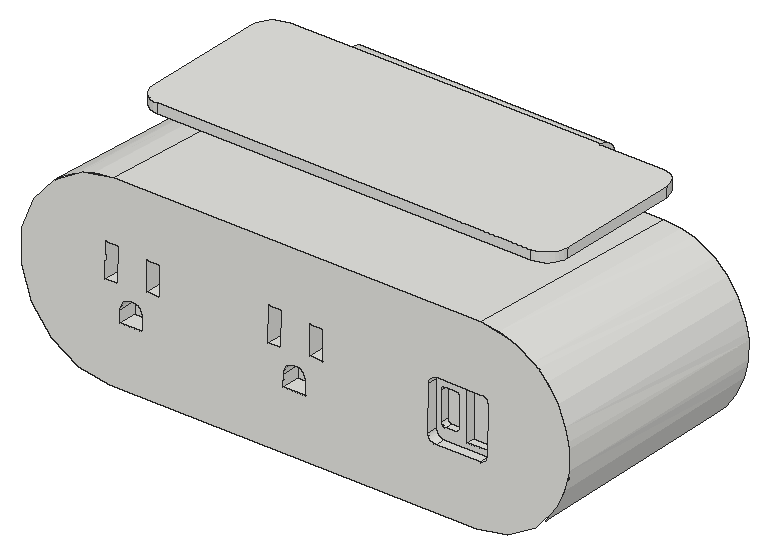
Revit family "Electrical_&_Lighting-Teknion-CQAMP_Routes_Power_Port-R2018", category Electrical Fixtures, Revit 2018
Family settings
  Maintain Annotation Orientation = No
  Round Connector Dimension = Use Diameter
  Part Type = Normal
  OmniClass Number = 23.40.20.00
  OmniClass Title = General Furniture and Specialties
  Work Plane-Based = No
  Always vertical = Yes
  Cut with Voids When Loaded = No
  Shared = Yes
  Room Calculation Point = No
Parameters (values of type "Triple - 2 Power/1 USB A&C, Undermount")
  Worksurface Thickness [instance] = 1.000"
  Warranty = "http://www.teknion.com/ca/papers/legal-canada"
  Voltage = 120 V
  Unit Weight URL = "http://www.teknion.com/ca/tools/assets#&asset=bee6a381-b954-425e-8283-5a2de3a804f2,f828d448-4b62-4231-9e5f-9a8991c0ed77"
  Undermount = yes
  USB Cutout = 1.000"
  URL = "www.teknion.com"
  To render please download texture images found here [instance] = "https://assets.teknion.com/web/5e81352c1dfdb467/revit-material-swatches/"
  Table Top Height [instance] = 29.000"
  Sustainability Data = "https://www.teknion.com/ca/tools/assets#&topic=216f99a5-57a0-44fc-b10a-9dee9b29ae4c&asset=444deb64-fe58-4b68-981e-f75e97781df7,b4ff2d81-9f2e-437d-9659-7cffb09c31cf"
  Series = "Routes"  # constant formula
  Product Page URL = "https://www.teknion.com/ca/products/all-products"
  Product Line = "Routes"  # constant formula
  Product Documentation Link = "https://www.teknion.com/pricing/expansion-casegoods/pdfs/BEEPC_ppg.pdf"
  Part Number = "CQAMP"  # constant formula
  Module Height [instance] = if(Undermount, Table Top Height - Worksurface Thickness - 0.482", Table Top Height + 3.256")  # 27.518"
  Model = "CQAMPT2110U___"
  Manufacturer Phone = "416-661-3370"  # constant formula
  Manufacturer Fax = "416.661.4586"  # constant formula
  Manufacturer Contact Information = "http://www.teknion.com/ca/contactus"
  Manufacturer Address = "1150 Flint Road, Toronto, ON. M3J 2J5. Canada"  # constant formula
  Manufacturer = "Teknion"  # constant formula
  How To Use Teknion Materials User Guide [instance] = "https://assets.teknion.com/m/205dd0a49fa58060/original/How-to-add-a-Material-Library-and-Texture-Images-to-your-Revit-project.pdf"
  For Additional Finishes please visit [instance] = "https://assets.teknion.com/m/44a8009b046e5d47/original/Teknion_Materials_Library.zip"
  Desk Edge Clamp = no
  Description = "Power Port, Triple - 2 Power/1 USB A&C, Undermount"
  Connector Description = "Power Connector"  # constant formula
  Clamp Offset [instance] = 3.256" + Worksurface Thickness  # 4.256"
  Case and Front Finish [instance] = Paint-Teknion-20-T-Foundation-Atrium White
  Assembly Code = "E2020200"
  Apparent Load = 0 VA
  3rd Power Cutout = 0.500"
Types (5): name | Worksurface Thickness | Undermount | USB Cutout | Module Height | Model | Desk Edge Clamp | Description | Clamp Offset | 3rd Power Cutout
  (no name) | 1.000" | yes | 1.000" | 27.518" | "CQAMPT2110U___" | no | "Power Port, Triple - 2 Power/1 USB A&C, Undermount" | 4.256" | 0.500"
  Triple - 3 Power, Desk Edge Clamp | 1.000" | no | 0.500" | 32.256" | "CQAMPT3000E___" | yes | "Power Port, Triple - 3 Power, Desk Edge Clamp" | 4.256" | 1.000"
  Triple - 3 Power, Undermount | 2.000" | yes | 0.500" | 26.518" | "CQAMPT3000U___" | no | "Power Port, Triple - 3 Power, Undermount" | 5.256" | 1.000"
  Triple - 2 Power/1 USB A&C, Desk Edge Clamp | 1.000" | no | 1.000" | 32.256" | "CQAMPT2110E___" | yes | "Power Port, Triple - 2 Power/1 USB A&C, Desk Edge Clamp" | 4.256" | 0.500"
  Triple - 2 Power/1 USB A&C, Undermount | 1.000" | yes | 1.000" | 27.518" | "CQAMPT2110U___" | no | "Power Port, Triple - 2 Power/1 USB A&C, Undermount" | 4.256" | 0.500"
Reference planes (in)
  plane 1 "Center Front/Back": y = 0
  plane 2: z = 0
  plane 3 "Center Left/Right": x = 0
  plane 4 "Left": x = -3.31235
  plane 5 "Right": x = 3.31235
  plane 6 "Back": y = 0.46659
  plane 7 "Front": y = -2.4
  plane 8 "Top": z = 27.518
Forms (in)
  SweptBlend 1, solid, material "Paint-Teknion-20-T-Foundation-Atrium White" <- "Case and Front Finish"
    path origin (0, 0, 0) x (1, 0, 0) y (0, 1, 0)
      loop
        line (0, -2.65) -> (0, 0.6)
    profile origin (0, -2.65, 0) x (-1, 0, 0) y (0, 0, 1)
      loop
        line (2.21514, 27.53006) -> (-2.21514, 27.53006)
        arc (-2.21514, 27.53006) -> (-3.3266, 26.4186) -> (-2.21514, 25.30713) r 1.11146
        line (-2.21514, 25.30713) -> (2.21514, 25.30713)
        arc (2.21514, 25.30713) -> (3.3266, 26.4186) -> (2.21514, 27.53006) r 1.11146
    end profile origin (0, 0.6, 0) x (-1, 0, 0) y (0, 0, 1)
      loop
        line (2.19055, 27.37843) -> (-2.19055, 27.37843)
        arc (-2.19055, 27.37843) -> (-3.2262, 26.34278) -> (-2.19055, 25.30713) r 1.03565
        line (-2.19055, 25.30713) -> (2.19055, 25.30713)
        arc (2.19055, 25.30713) -> (3.2262, 26.34278) -> (2.19055, 27.37843) r 1.03565
  Sweep 2, void
    path origin (0, 0, 0) x (1, 0, 0) y (0, 1, 0)
      loop
        line (-3.625, 0) -> (3.625, 0)
    profile origin (0, 0, 0) x (0, 1, 0) y (0, 0, 1)
      loop
        line (0.40894, 25.09914) -> (0.78858, 25.09914) -> (0.78858, 27.73245) -> (0.47789, 27.73245) -> (0.40894, 25.09914)
      loop
        line (-2.32267, 27.73245) -> (-2.82491, 27.73245) -> (-2.82491, 25.09914) -> (-2.39163, 25.09914) -> (-2.32267, 27.73245)
  Sweep 3, void
    path origin (0, 0, 0) x (1, 0, 0) y (0, 1, 0)
      loop
        line (0, -2.4) -> (0, -2.15)
    profile origin (0, -2.275, 0) x (-1, 0, 0) y (0, 0, 1)
      loop
        line (0.329, 26.40867) -> (0.329, 26.82152) -> (0.171, 26.82152) -> (0.171, 26.40867) -> (0.329, 26.40867)
      loop
        line (-0.171, 26.44115) -> (-0.171, 26.78903) -> (-0.329, 26.78903) -> (-0.329, 26.44115) -> (-0.171, 26.44115)
      loop
        line (0.1375, 26.0098) -> (0.1375, 26.14725)
        arc (0.1375, 26.14725) -> (0, 26.28475) -> (-0.1375, 26.14725) r 0.1375
        line (-0.1375, 26.14725) -> (-0.1375, 26.0098) -> (0.1375, 26.0098)
      loop
        line (2.2975, 26.40867) -> (2.2975, 26.82152) -> (2.13951, 26.82152) -> (2.13951, 26.40867) -> (2.2975, 26.40867)
      loop
        line (1.7975, 26.44115) -> (1.7975, 26.78903) -> (1.63951, 26.78903) -> (1.63951, 26.44115) -> (1.7975, 26.44115)
      loop
        line (2.106, 26.0098) -> (2.106, 26.14725)
        arc (2.106, 26.14725) -> (1.9685, 26.28475) -> (1.83101, 26.14725) r 0.1375
        line (1.83101, 26.14725) -> (1.83101, 26.0098) -> (2.106, 26.0098)
  Sweep 4, void
    path origin (0, 0, 0) x (1, 0, 0) y (0, 1, 0)
      loop
        line (0, -2.65) -> (0, -3.15)
    profile origin (0, -2.9, 0) x (1, 0, 0) y (0, 0, 1)
      loop
        spline (2.106, 26.1473) -> (2.10131, 26.18288) -> (2.08757, 26.21603) -> (2.06572, 26.24449) -> (2.03724, 26.26634) -> (2.00407, 26.28006) -> (1.96848, 26.28474) -> (1.93289, 26.28005) -> (1.89973, 26.26631) -> (1.87126, 26.24446) -> (1.84941, 26.21599) -> (1.83568, 26.18283) -> (1.83101, 26.14725)
        line (1.83101, 26.14725) -> (1.83101, 26.0098) -> (2.106, 26.0098) -> (2.106, 26.1473)
      loop
        line (1.63951, 26.82152) -> (1.63951, 26.40867) -> (1.7975, 26.40867) -> (1.7975, 26.82152) -> (1.63951, 26.82152)
      loop
        line (2.2975, 26.78903) -> (2.13951, 26.78903) -> (2.13951, 26.44115) -> (2.2975, 26.44115) -> (2.2975, 26.78903)
  Sweep 5, void
    path origin (0, 0, 0) x (1, 0, 0) y (0, 1, 0)
      loop
        line (0, -3.15) -> (0, -2.15)
    profile origin (0, -2.65, 0) x (-1, 0, 0) y (0, 0, 1)
      loop
        line (-1.89123, 26.55961) -> (-1.89123, 26.20893)
        arc (-1.89123, 26.20893) -> (-1.87752, 26.17582) -> (-1.84442, 26.16211) r 0.04682
        line (-1.84442, 26.16211) -> (-1.72151, 26.16211)
        arc (-1.72151, 26.16211) -> (-1.68841, 26.17582) -> (-1.6747, 26.20893) r 0.04682
        line (-1.6747, 26.20893) -> (-1.6747, 26.55961)
        arc (-1.6747, 26.55961) -> (-1.68853, 26.59301) -> (-1.72192, 26.60684) r 0.04723
        line (-1.72192, 26.60684) -> (-1.844, 26.60684)
        arc (-1.844, 26.60684) -> (-1.8774, 26.59301) -> (-1.89123, 26.55961) r 0.04723
      loop
        line (-1.98375, 26.0952) -> (-1.98375, 26.67375) -> (-2.26722, 26.67375) -> (-2.26722, 26.0952) -> (-1.98375, 26.0952)
  Sweep 6, void
    path origin (0, 0, 0) x (1, 0, 0) y (0, 1, 0)
      loop
        line (0, -2.24198) -> (0, -3.24198)
    profile origin (0, -2.74198, 0) x (1, 0, 0) y (0, 0, 1)
      loop
        arc (1.70272, 26.74925) -> (1.63555, 26.72143) -> (1.60772, 26.65425) r 0.095
        line (1.60772, 26.65425) -> (1.60772, 26.12294)
        arc (1.60772, 26.12294) -> (1.63555, 26.05576) -> (1.70272, 26.02794) r 0.095
        line (1.70272, 26.02794) -> (2.23425, 26.02794)
        arc (2.23425, 26.02794) -> (2.30145, 26.05577) -> (2.32929, 26.12297) r 0.09503
        line (2.32929, 26.12297) -> (2.32929, 26.65422)
        arc (2.32929, 26.65422) -> (2.30145, 26.72142) -> (2.23425, 26.74925) r 0.09503
        line (2.23425, 26.74925) -> (1.70272, 26.74925)
  Sweep 7, solid, material "Paint-Teknion-20-T-Foundation-Atrium White" <- "Case and Front Finish", visible <- "Desk Edge Clamp"
    path origin (0, 0, 0) x (1, 0, 0) y (0, 1, 0)
      loop
        line (-1.59134, 0) -> (1.59134, 0)
    profile origin (0, 0, 0) x (0, 1, 0) y (0, 0, 1)
      loop
        line (0.25804, 25.30713) -> (0, 25.30713) -> (0, 24.50391) -> (-2, 24.50391) -> (-2, 24.32461) -> (0, 24.32461) -> (0, 22.32461) -> (-2.4, 22.32461) -> (-2.4, 22.14531) -> (-0.1793, 22.14531) -> (-0.1793, 20.98328) -> (0.25804, 20.98328) -> (0.25804, 25.30713)
  Sweep 8, void
    path origin (0, 0, 0) x (1, 0, 0) y (0, 1, 0)
      loop
        line (0, 0.1793) -> (0, 0)
    profile origin (0, 0.08965, 0) x (1, 0, 0) y (0, 0, 1)
      loop
        arc (-0.5625, 22.57461) -> (-0.48928, 22.39784) -> (-0.3125, 22.32461) r 0.25
        line (-0.3125, 22.32461) -> (0.3125, 22.32461)
        arc (0.3125, 22.32461) -> (0.48928, 22.39784) -> (0.5625, 22.57461) r 0.25
        line (0.5625, 22.57461) -> (0.5625, 24.50391) -> (1.06263, 24.50391) -> (1.06263, 25.50391) -> (-1.06263, 25.50391) -> (-1.06263, 24.50391) -> (-0.5625, 24.50391) -> (-0.5625, 22.57461)
  Sweep 9, void
    path origin (0, 0, 0) x (1, 0, 0) y (0, 0, 1)
      loop
        line (0, 24.32461) -> (0, 24.50391)
    profile origin (0, 0, 24.41426) x (-1, 0, 0) y (0, -1, 0)
      loop
        line (1, 1.75) -> (1, 0) -> (1.59134, 0) -> (1.59134, 2) -> (0.75, 2)
        arc (0.75, 2) -> (0.92678, 1.92678) -> (1, 1.75) r 0.25
      loop
        line (0.5625, 0) -> (0.5625, 0.1957)
        arc (0.5625, 0.1957) -> (0.48928, 0.37248) -> (0.3125, 0.4457) r 0.25
        line (0.3125, 0.4457) -> (-0.3125, 0.4457)
        arc (-0.3125, 0.4457) -> (-0.48928, 0.37248) -> (-0.5625, 0.1957) r 0.25
        line (-0.5625, 0.1957) -> (-0.5625, 0) -> (0.5625, 0)
      loop
        line (-0.9995, 0) -> (-0.9995, 1.75)
        arc (-0.9995, 1.75) -> (-0.92628, 1.92678) -> (-0.7495, 2) r 0.25
        line (-0.7495, 2) -> (-1.59134, 2) -> (-1.59134, 0) -> (-0.9995, 0)
  Sweep 10, void
    path origin (0, 0, 0) x (1, 0, 0) y (0, 0, 1)
      loop
        line (0, 22.32461) -> (0, 22.14531)
    profile origin (0, 0, 22.23496) x (0, -1, 0) y (1, 0, 0)
      loop
        line (0, -1.59134) -> (2.4, -1.59134) -> (2.4, -1.25)
        arc (2.4, -1.25) -> (2.32678, -1.42678) -> (2.15, -1.5) r 0.25
        line (2.15, -1.5) -> (0, -1.5) -> (0, -1.59134)
      loop
        line (2.4, 1.59134) -> (0, 1.59134) -> (0, 1.5) -> (2.15, 1.5)
        arc (2.15, 1.5) -> (2.32678, 1.42678) -> (2.4, 1.25) r 0.25
        line (2.4, 1.25) -> (2.4, 1.59134)
  Sweep 11, void
    path origin (0, 0, 0) x (1, 0, 0) y (0, 1, 0)
      loop
        line (0, -0.2543) -> (0, 0)
    profile origin (0, -0.12715, 0) x (-1, 0, 0) y (0, 0, 1)
      loop
        arc (-1.23427, 21.05889) -> (-1.42217, 21.13672) -> (-1.5, 21.32461) r 0.26573
        line (-1.5, 21.32461) -> (-1.5, 25.30713) -> (-1.59134, 25.30713) -> (-1.59134, 20.98328) -> (1.59134, 20.98328) -> (1.59134, 25.30713) -> (1.5, 25.30713) -> (1.5, 21.32461)
        arc (1.5, 21.32461) -> (1.42217, 21.13672) -> (1.23427, 21.05889) r 0.26573
        line (1.23427, 21.05889) -> (-1.23427, 21.05889)
  Sweep 12, void
    path origin (0, 0, 0) x (1, 0, 0) y (0, 1, 0)
      loop
        line (0, 0) -> (0, 0.25804)
    profile origin (0, 0.12902, 0) x (-1, 0, 0) y (0, 0, 1)
      loop
        line (-1.59134, 20.98328) -> (-1.25, 20.98328)
        arc (-1.25, 20.98328) -> (-1.49136, 21.08325) -> (-1.59134, 21.32461) r 0.34134
        line (-1.59134, 21.32461) -> (-1.59134, 20.98328)
      loop
        arc (1.59134, 21.32461) -> (1.49136, 21.08325) -> (1.25, 20.98328) r 0.34134
        line (1.25, 20.98328) -> (1.59134, 20.98328) -> (1.59134, 21.32461)
  Revolve 13, solid, material "Paint-Teknion-20-T-Foundation-Atrium White" <- "Case and Front Finish", visible <- "Desk Edge Clamp"
    sketch origin (0, 0, 0) x (0, 1, 0) y (0, 0, 1)
      loop
        line (-1.75, 23.262) -> (-2.24235, 23.262) -> (-2.24235, 23.14433) -> (-2.00591, 23.05357) -> (-2.00591, 22.84861) -> (-1.84986, 22.84861) -> (-1.84986, 22.80095) -> (-1.90747, 22.74334) -> (-1.90747, 21.84468) -> (-2.06496, 21.84468) -> (-2.06496, 21.52972) -> (-2.34054, 21.52972) -> (-2.34054, 21.09665) -> (-2.26181, 21.09665) -> (-2.26181, 21.38535) -> (-1.98675, 21.38535) -> (-1.98675, 21.31318) -> (-1.75, 21.31318) -> (-1.75, 23.262)
      axis (-1.75, 23.262) -> (-1.75, 21.09665)
    angle from 0 to 360
  Sweep 14, solid, material "Paint-Teknion-20-T-Foundation-Atrium White" <- "Case and Front Finish", visible <- "Desk Edge Clamp"
    path origin (0, 0, 0) x (1, 0, 0) y (0, 0, 1)
      loop
        line (0, 24.32461) -> (0, 24.26211)
    profile origin (0, 0, 24.29336) x (0, -1, 0) y (1, 0, 0)
      loop
        line (1.0748, -0.98425) -> (1.82283, -0.98425) -> (1.82283, 0.98425) -> (1.0748, 0.98425) -> (1.0748, -0.98425)
  Sweep 15, solid, material "Paint-Teknion-20-T-Foundation-Atrium White" <- "Case and Front Finish", visible <- "Undermount"
    path origin (0, 0, 0) x (1, 0, 0) y (0, 1, 0)
      loop
        line (-2.6, 0) -> (2.6, 0)
    profile origin (0, 0, 0) x (0, 1, 0) y (0, 0, 1)
      loop
        arc (0.37674, 27.8911) -> (0.4493, 27.86104) -> (0.47936, 27.78848) r 0.10262
        line (0.47936, 27.78848) -> (0.41177, 25.20717)
        arc (0.41177, 25.20717) -> (0.38247, 25.13643) -> (0.31173, 25.10713) r 0.10004
        line (0.31173, 25.10713) -> (-0.27346, 25.10713)
        arc (-0.27346, 25.10713) -> (-0.34417, 25.13642) -> (-0.37346, 25.20713) r 0.1
        line (-0.37346, 25.20713) -> (-0.37346, 25.30713) -> (-0.48284, 25.30713) -> (-0.48284, 25.20713)
        arc (-0.48284, 25.20713) -> (-0.42151, 25.05908) -> (-0.27346, 24.99776) r 0.20938
        line (-0.27346, 24.99776) -> (0.31173, 24.99776)
        arc (0.31173, 24.99776) -> (0.45983, 25.0591) -> (0.52118, 25.2072) r 0.20945
        line (0.52118, 25.2072) -> (0.5887, 27.78562)
        arc (0.5887, 27.78562) -> (0.52577, 27.93754) -> (0.37384, 28.00047) r 0.21486
        line (0.37384, 28.00047) -> (-1.61795, 28.00047) -> (-1.61795, 27.8911) -> (0.37674, 27.8911)
  Sweep 16, void
    path origin (0, 0, 0) x (1, 0, 0) y (0, 0, 1)
      loop
        line (0, 27.518) -> (0, 24.518)
    profile origin (0, 0, 26.018) x (0, -1, 0) y (1, 0, 0)
      loop
        line (-0.8387, -1.4995) -> (-0.8387, -2.7495) -> (0.9113, -2.7495) -> (0.9113, -1.4995) -> (-0.8387, -1.4995)
      loop
        line (-0.8387, 1.4995) -> (0.9113, 1.4995) -> (0.9113, 2.7495) -> (-0.8387, 2.7495) -> (-0.8387, 1.4995)
      loop
        line (0.9113, -0.562) -> (0.9113, 0.563) -> (0.42577, 0.563)
        arc (0.42577, 0.563) -> (-0.13673, 0.0005) -> (0.42577, -0.562) r 0.5625
        line (0.42577, -0.562) -> (0.9113, -0.562)
  Sweep 17, void
    path origin (0, 0, 0) x (1, 0, 0) y (0, 0, 1)
      loop
        line (0, 27.518) -> (0, 28.268)
    profile origin (0, 0, 27.893) x (-1, 0, 0) y (0, -1, 0)
      loop
        line (1.4995, -0.36622) -> (1.4995, -0.73336) -> (2.5, -0.73336) -> (2.75, -0.73336) -> (2.75, 1.86795) -> (-2.5, 1.86795) -> (-2.75, 1.86795) -> (-2.75, -0.73336) -> (-1.4995, -0.73336) -> (-1.4995, -0.36622) -> (-2.2495, -0.36622)
        arc (-2.2495, -0.36622) -> (-2.42663, -0.29285) -> (-2.5, -0.11572) r 0.2505
        line (-2.5, -0.11572) -> (-2.5, 1.36795)
        arc (-2.5, 1.36795) -> (-2.42678, 1.54473) -> (-2.25, 1.61795) r 0.25
        line (-2.25, 1.61795) -> (2.25, 1.61795)
        arc (2.25, 1.61795) -> (2.42678, 1.54473) -> (2.5, 1.36795) r 0.25
        line (2.5, 1.36795) -> (2.5, -0.11572)
        arc (2.5, -0.11572) -> (2.42663, -0.29285) -> (2.2495, -0.36622) r 0.2505
        line (2.2495, -0.36622) -> (1.4995, -0.36622)
Cuts and joins
  Sweep 2, Sweep 3, Sweep 4, Sweep 5, Sweep 6 cuts SweptBlend 1
  Sweep 8, Sweep 9, Sweep 10, Sweep 11, Sweep 12 cuts Sweep 7
  Sweep 16, Sweep 17 cuts Sweep 15
Lines and regions (in)
  Masking region 1, visible <- "Desk Edge Clamp"
    outline origin (0, 0, 0) x (1, 0, 0) y (0, 1, 0)
      loop
        line (-3.2173, 0.46659) -> (-3.31235, -2.4) -> (3.31235, -2.4) -> (3.2173, 0.46659) -> (-3.2173, 0.46659)
  symbolic lines, style "ElectricalFixturesHiddenLines", visible <- "Desk Edge Clamp", detail levels medium+fine
    curve 1: line (-1.5, 0, 0) -> (-1.5, -2.15, 0)
    curve 2: arc (-1.5, -2.15, 0) -> (-1.42678, -2.32678, 0) -> (-1.25, -2.4, 0) r 0.25
    curve 3: line (-1.25, -2.4, 0) -> (1.25, -2.4, 0)
    curve 4: arc (1.25, -2.4, 0) -> (1.42678, -2.32678, 0) -> (1.5, -2.15, 0) r 0.25
    curve 5: line (1.5, -2.15, 0) -> (1.5, 0, 0)
    curve 6: line (1.5, 0, 0) -> (0.3125, 0, 0)
    curve 7: line (0.3125, 0, 0) -> (0.3125, 0.1793, 0)
    curve 8: line (0.3125, 0.1793, 0) -> (-0.3125, 0.1793, 0)
    curve 9: line (-0.3125, 0.1793, 0) -> (-0.3125, 0, 0)
    curve 10: line (-0.3125, 0, 0) -> (-1.5, 0, 0)
    curve 11: line (-1, 0, 0) -> (-1, -1.75, 0)
    curve 12: arc (-1, -1.75, 0) -> (-0.92678, -1.92678, 0) -> (-0.75, -2, 0) r 0.25
    curve 13: line (-0.75, -2, 0) -> (0.7495, -2, 0)
    curve 14: arc (0.7495, -2, 0) -> (0.92628, -1.92678, 0) -> (0.9995, -1.75, 0) r 0.25
    curve 15: line (0.9995, -1.75, 0) -> (0.9995, 0, 0)
    curve 16: line (0.9995, 0, 0) -> (1.06263, 0, 0)
    curve 17: line (1.06263, 0, 0) -> (1.06263, 0.1793, 0)
    curve 18: line (1.06263, 0.1793, 0) -> (0.5625, 0.1793, 0)
    curve 19: line (0.5625, 0.1793, 0) -> (0.5625, -0.1957, 0)
    curve 20: arc (0.5625, -0.1957, 0) -> (0.48928, -0.37248, 0) -> (0.3125, -0.4457, 0) r 0.25
    curve 21: line (0.3125, -0.4457, 0) -> (-0.3125, -0.4457, 0)
    curve 22: arc (-0.3125, -0.4457, 0) -> (-0.48928, -0.37248, 0) -> (-0.5625, -0.1957, 0) r 0.25
    curve 23: line (-0.5625, -0.1957, 0) -> (-0.5625, 0.1793, 0)
    curve 24: line (-0.5625, 0.1793, 0) -> (-1.06263, 0.1793, 0)
    curve 25: line (-1.06263, 0.1793, 0) -> (-1.06263, 0, 0)
    curve 26: line (-1.06263, 0, 0) -> (-1, 0, 0)
    curve 27: arc (0, -2.34054, 0) -> (-0.59054, -1.75, 0) -> (0, -1.15946, 0) r 0.59054
    curve 28: arc (0, -1.15946, 0) -> (0.59054, -1.75, 0) -> (0, -2.34054, 0) r 0.59054
  symbolic lines, style "ElectricalFixturesHiddenLines", visible <- "Undermount", detail levels medium+fine
    curve 29: line (-1.4995, 0.36622, 0) -> (-2.2495, 0.36622, 0)
    curve 30: arc (-2.2495, 0.36622, 0) -> (-2.42663, 0.29285, 0) -> (-2.5, 0.11572, 0) r 0.2505
    curve 31: line (-2.5, 0.11572, 0) -> (-2.5, -1.36795, 0)
    curve 32: arc (-2.5, -1.36795, 0) -> (-2.42678, -1.54473, 0) -> (-2.25, -1.61795, 0) r 0.25
    curve 33: line (-2.25, -1.61795, 0) -> (2.25, -1.61795, 0)
    curve 34: arc (2.25, -1.61795, 0) -> (2.42678, -1.54473, 0) -> (2.5, -1.36795, 0) r 0.25
    curve 35: line (2.5, -1.36795, 0) -> (2.5, 0.11572, 0)
    curve 36: arc (2.5, 0.11572, 0) -> (2.42663, 0.29285, 0) -> (2.2495, 0.36622, 0) r 0.2505
    curve 37: line (2.2495, 0.36622, 0) -> (1.4995, 0.36622, 0)
    curve 38: line (-1.4995, -0.48284, 0) -> (-1.4995, 0.5887, 0)
    curve 40: arc (0.563, -0.42577, 0) -> (0.0005, 0.13673, 0) -> (-0.562, -0.42577, 0) r 0.5625
    curve 41: line (-1.4995, -0.48284, 0) -> (1.4995, -0.48284, 0)
    curve 42: line (1.4995, 0.5887, 0) -> (1.4995, -0.48284, 0)
    curve 44: line (1.4995, 0.5887, 0) -> (-1.4995, 0.5887, 0)
    curve 45: line (3.2173, 0.46659, 0) -> (-3.2173, 0.46659, 0)
    curve 46: line (-3.2173, 0.46659, 0) -> (-3.31235, -2.4, 0)
    curve 47: line (-3.31235, -2.4, 0) -> (3.31235, -2.4, 0)
    curve 48: line (3.31235, -2.4, 0) -> (3.2173, 0.46659, 0)
  symbolic lines, style "ElectricalFixturesHiddenLines", detail levels medium+fine
    curve 39: line (-0.562, -0.48284, 0) -> (-1.4995, -0.48284, 0)
    curve 43: line (1.4995, 0.5887, 0) -> (-1.4995, 0.5887, 0)
Dimensions and locks (in)
  plane 4 "Left" to plane 5 "Right" = 6.62469"
  plane 6 "Back" to plane 1 "Center Front/Back" to plane 7 "Front" = 0.46659" locked, 2.400" locked
  "Module Height": plane 8 "Top" to level
  equal spacing: plane 4 "Left", plane 3 "Center Left/Right", plane 5 "Right"
  plane 8 "Top" to level = 27.518"
  Sweep 2 sketch curve to plane 3 "Center Left/Right" to Sweep 2 sketch curve = 3.625" locked, 3.625" locked
  locked: plane 7 "Front" to Sweep 3 sketch curve at 0.25
  locked: Sweep 4 sketch curve to plane 7 "Front" at 0.75
  "3rd Power Cutout": Sweep 4 sketch curve to Sweep 4 sketch curve
  locked: Sweep 5 sketch curve to plane 7 "Front" at 0.75
  "USB Cutout": Sweep 5 sketch curve to Sweep 5 sketch curve
  locked: Sweep 6 sketch curve to plane 7 "Front" at 0.84198
  "USB Cutout": Sweep 6 sketch curve to Sweep 6 sketch curve
  Sweep 7 sketch curve to plane 3 "Center Left/Right" to Sweep 7 sketch curve = 1.59134" locked, 1.59134" locked
  Sweep 8 sketch curve to Sweep 8 sketch curve to plane 1 "Center Front/Back" = 0.1793" locked, 0.000" locked
  plane 8 "Top" to Sweep 10 sketch curve to Sweep 10 sketch curve = 5.19339" locked, 0.1793" locked
  Sweep 11 sketch curve to plane 1 "Center Front/Back" to Sweep 11 sketch curve = 0.2543" locked, 0.000" locked
  Sweep 12 sketch curve to Sweep 12 sketch curve to plane 1 "Center Front/Back" = 0.25804" locked, 0.000" locked
  locked: plane 1 "Center Front/Back" to Revolve 13 sketch curve at 1.75
  plane 8 "Top" to Sweep 14 sketch curve to Sweep 14 sketch curve = 3.19339" locked, 0.0625" locked
  Sweep 15 sketch curve to plane 3 "Center Left/Right" to Sweep 15 sketch curve = 2.600" locked, 2.600" locked
  Sweep 16 sketch curve to plane 8 "Top" to Sweep 16 sketch curve = 0.000" locked, 3.000" locked
  Sweep 17 sketch curve to plane 8 "Top" to Sweep 17 sketch curve = 0.750" locked, 0.000" locked
  Sweep 2 sketch curve to Sweep 2 sketch curve to plane 8 "Top" to Sweep 2 sketch curve to Sweep 2 sketch curve = 0.000" locked, 0.21445" locked, 2.41886" locked, 0.000" locked
  Sweep 2 sketch curve to Sweep 2 sketch curve to plane 6 "Back" to Sweep 2 sketch curve to Sweep 2 sketch curve to Sweep 2 sketch curve to Sweep 2 sketch curve = 0.31069" locked, 0.0113" locked, 0.05766" locked, 2.73161" locked, 0.06896" locked, 0.43328" locked
  locked: SweptBlend 1 sketch curve to plane 3 "Center Left/Right" at 0
  SweptBlend 1 sketch curve to plane 1 "Center Front/Back" to SweptBlend 1 sketch curve = 0.600" locked, 2.650" locked
  SweptBlend 1 sketch curve to plane 8 "Top" to SweptBlend 1 sketch curve to SweptBlend 1 sketch curve to SweptBlend 1 sketch curve = 0.01206" locked, 1.0994" locked, 0.000" locked, 1.11146" locked
  SweptBlend 1 sketch curve to plane 3 "Center Left/Right" to SweptBlend 1 sketch curve = 2.21514" locked, 2.21514" locked
  plane 8 "Top" to SweptBlend 1 sketch curve to SweptBlend 1 sketch curve to SweptBlend 1 sketch curve to SweptBlend 1 sketch curve = 0.13957" locked, 1.03565" locked, 0.000" locked, 1.03565" locked
  SweptBlend 1 sketch curve to plane 3 "Center Left/Right" to SweptBlend 1 sketch curve = 2.19055" locked, 2.19055" locked
  plane 8 "Top" to Sweep 3 sketch curve to Sweep 3 sketch curve to Sweep 3 sketch curve to Sweep 3 sketch curve to Sweep 3 sketch curve to Sweep 3 sketch curve to Sweep 3 sketch curve to Sweep 3 sketch curve to Sweep 3 sketch curve to Sweep 3 sketch curve to Sweep 3 sketch curve to Sweep 3 sketch curve = 0.69648" locked, 0.000" locked, 0.03249" locked, 0.000" locked, 0.34787" locked, 0.000" locked, 0.03249" locked, 0.000" locked, 0.26141" locked, 0.000" locked, 0.13745" locked, 0.000" locked
  Sweep 3 sketch curve to Sweep 3 sketch curve to Sweep 3 sketch curve to plane 3 "Center Left/Right" to Sweep 3 sketch curve to Sweep 3 sketch curve to Sweep 3 sketch curve to Sweep 3 sketch curve to Sweep 3 sketch curve to Sweep 3 sketch curve to Sweep 3 sketch curve to Sweep 3 sketch curve to Sweep 3 sketch curve to Sweep 3 sketch curve to Sweep 3 sketch curve = 0.15799" locked, 0.03351" locked, 0.1375" locked, 0.000" locked, 0.1375" locked, 0.03351" locked, 0.15799" locked, 1.31051" locked, 0.15799" locked, 0.03351" locked, 0.1375" locked, 0.1375" locked, 0.03351" locked, 0.15799" locked
  plane 8 "Top" to Sweep 4 sketch curve to Sweep 4 sketch curve to Sweep 4 sketch curve to Sweep 4 sketch curve to Sweep 4 sketch curve to Sweep 4 sketch curve = 0.69648" locked, 0.03249" locked, 0.34787" locked, 0.03249" locked, 0.26137" locked, 0.1375" locked
  Sweep 4 sketch curve to Sweep 4 sketch curve to Sweep 4 sketch curve to Sweep 4 sketch curve to Sweep 4 sketch curve to Sweep 4 sketch curve to Sweep 4 sketch curve to plane 3 "Center Left/Right" = 0.15799" locked, 0.03351" locked, 0.13749" locked, 0.13749" locked, 0.03351" locked, 0.15799" locked, 1.63951" locked
  plane 8 "Top" to Sweep 6 sketch curve to Sweep 6 sketch curve to Sweep 6 sketch curve to Sweep 6 sketch curve to Sweep 6 sketch curve to Sweep 6 sketch curve = 0.76875" locked, 0.095" locked, 0.00003" locked, 0.53125" locked, 0.00003" locked, 0.095" locked
  Sweep 6 sketch curve to Sweep 6 sketch curve to Sweep 6 sketch curve to Sweep 6 sketch curve to Sweep 6 sketch curve to Sweep 6 sketch curve to plane 3 "Center Left/Right" = 0.09503" locked, 0.000" locked, 0.53153" locked, 0.000" locked, 0.095" locked, 1.60772" locked
  plane 8 "Top" to Sweep 5 sketch curve to Sweep 5 sketch curve to Sweep 5 sketch curve to Sweep 5 sketch curve to Sweep 5 sketch curve to Sweep 5 sketch curve to Sweep 5 sketch curve to Sweep 5 sketch curve = 0.84425" locked, 0.06691" locked, 0.04723" locked, 0.000" locked, 0.35069" locked, 0.000" locked, 0.04682" locked, 0.06691" locked
  Sweep 5 sketch curve to Sweep 5 sketch curve to Sweep 5 sketch curve to Sweep 5 sketch curve to Sweep 5 sketch curve to Sweep 5 sketch curve to Sweep 5 sketch curve to Sweep 5 sketch curve to plane 3 "Center Left/Right" = 0.28346" locked, 0.09252" locked, 0.04682" locked, 0.00041" locked, 0.12208" locked, 0.00041" locked, 0.04682" locked, 1.6747" locked
  plane 8 "Top" to Sweep 7 sketch curve to Sweep 7 sketch curve to Sweep 7 sketch curve to Sweep 7 sketch curve to Sweep 7 sketch curve to Sweep 7 sketch curve = 2.21087" locked, 0.80322" locked, 0.1793" locked, 2.000" locked, 0.1793" locked, 1.16204" locked
  Sweep 7 sketch curve to plane 1 "Center Front/Back" to Sweep 7 sketch curve to Sweep 7 sketch curve to Sweep 7 sketch curve to Sweep 7 sketch curve to Sweep 7 sketch curve = 0.25804" locked, 0.000" locked, 0.000" locked, 0.1793" locked, 1.8207" locked, 0.400" locked
  Sweep 14 sketch curve to plane 3 "Center Left/Right" to Sweep 14 sketch curve = 0.98425" locked, 0.98425" locked
  Sweep 14 sketch curve to Sweep 14 sketch curve to plane 1 "Center Front/Back" = 0.74803" locked, 1.0748" locked
  plane 8 "Top" to Sweep 8 sketch curve to Sweep 8 sketch curve to Sweep 8 sketch curve to Sweep 8 sketch curve to Sweep 8 sketch curve to Sweep 8 sketch curve = 2.01409" locked, 1.000" locked, 0.000" locked, 1.9293" locked, 0.000" locked, 0.250" locked
  Sweep 8 sketch curve to Sweep 8 sketch curve to Sweep 8 sketch curve to plane 3 "Center Left/Right" to Sweep 8 sketch curve to Sweep 8 sketch curve to Sweep 8 sketch curve = 0.50013" locked, 0.250" locked, 0.3125" locked, 0.3125" locked, 0.250" locked, 0.50013" locked
  plane 8 "Top" to Sweep 9 sketch curve to Sweep 9 sketch curve = 3.01409" locked, 0.1793" locked
  Sweep 9 sketch curve to Sweep 9 sketch curve to Sweep 9 sketch curve to Sweep 9 sketch curve to Sweep 9 sketch curve to Sweep 9 sketch curve to Sweep 9 sketch curve to plane 1 "Center Front/Back" to Sweep 9 sketch curve to Sweep 9 sketch curve to Sweep 9 sketch curve = 0.000" locked, 0.250" locked, 0.000" locked, 1.3043" locked, 0.250" locked, 0.000" locked, 0.1957" locked, 0.000" locked, 0.000" locked, 0.000" locked
  Sweep 9 sketch curve to Sweep 9 sketch curve to Sweep 9 sketch curve to Sweep 9 sketch curve to Sweep 9 sketch curve to plane 3 "Center Left/Right" to Sweep 9 sketch curve to Sweep 9 sketch curve to Sweep 9 sketch curve to Sweep 9 sketch curve to Sweep 9 sketch curve = 0.59134" locked, 0.250" locked, 0.1875" locked, 0.250" locked, 0.3125" locked, 0.3125" locked, 0.250" locked, 0.187" locked, 0.250" locked, 0.59184" locked
  Sweep 11 sketch curve to Sweep 11 sketch curve to Sweep 11 sketch curve to plane 3 "Center Left/Right" to Sweep 11 sketch curve to Sweep 11 sketch curve to Sweep 11 sketch curve = 0.09134" locked, 0.26573" locked, 1.23427" locked, 1.23427" locked, 0.26573" locked, 0.09134" locked
  plane 8 "Top" to Sweep 11 sketch curve to Sweep 11 sketch curve to Sweep 11 sketch curve to Sweep 11 sketch curve to Sweep 11 sketch curve to Sweep 11 sketch curve = 2.21087" locked, 0.000" locked, 3.98252" locked, 0.000" locked, 0.26573" locked, 0.07561" locked
  plane 8 "Top" to Sweep 12 sketch curve to Sweep 12 sketch curve to Sweep 12 sketch curve to Sweep 12 sketch curve = 6.19339" locked, 0.000" locked, 0.34134" locked, 0.000" locked
  Sweep 12 sketch curve to Sweep 12 sketch curve to plane 3 "Center Left/Right" to Sweep 12 sketch curve to Sweep 12 sketch curve = 0.34134" locked, 1.250" locked, 1.250" locked, 0.34134" locked
  Revolve 13 sketch curve to Revolve 13 sketch curve to Revolve 13 sketch curve to Revolve 13 sketch curve to Revolve 13 sketch curve to Revolve 13 sketch curve to Revolve 13 sketch curve to Revolve 13 sketch curve to Revolve 13 sketch curve to Revolve 13 sketch curve to Revolve 13 sketch curve = 0.21654" locked, 0.07217" locked, 0.14437" locked, 0.31496" locked, 0.89866" locked, 0.05761" locked, 0.04766" locked, 0.20495" locked, 0.09076" locked, 0.11767" locked
  plane 1 "Center Front/Back" to Revolve 13 sketch curve to Revolve 13 sketch curve to Revolve 13 sketch curve to Revolve 13 sketch curve to Revolve 13 sketch curve to Revolve 13 sketch curve to Revolve 13 sketch curve to Revolve 13 sketch curve to Revolve 13 sketch curve = 1.750" locked, 0.09986" locked, 0.05761" locked, 0.07928" locked, 0.01915" locked, 0.05906" locked, 0.17739" locked, 0.01946" locked, 0.07873" locked
  Sweep 10 sketch curve to Sweep 10 sketch curve to Sweep 10 sketch curve to plane 3 "Center Left/Right" to Sweep 10 sketch curve to Sweep 10 sketch curve to Sweep 10 sketch curve = 0.09134" locked, 0.250" locked, 1.250" locked, 1.250" locked, 0.250" locked, 0.09134" locked
  Sweep 10 sketch curve to Sweep 10 sketch curve to Sweep 10 sketch curve to Sweep 10 sketch curve to plane 1 "Center Front/Back" to Sweep 10 sketch curve to Sweep 10 sketch curve = 0.000" locked, 0.250" locked, 0.000" locked, 2.150" locked, 0.000" locked, 0.000" locked
  Sweep 15 sketch curve to Sweep 15 sketch curve to Sweep 15 sketch curve to Sweep 15 sketch curve to plane 8 "Top" to Sweep 15 sketch curve to Sweep 15 sketch curve to Sweep 15 sketch curve to Sweep 15 sketch curve to Sweep 15 sketch curve to Sweep 15 sketch curve to Sweep 15 sketch curve = 0.10938" locked, 0.10262" locked, 0.00286" locked, 0.26762" locked, 2.21087" locked, 0.09993" locked, 0.00004" locked, 0.00004" locked, 0.000" locked, 0.100" locked, 0.10937" locked
  Sweep 15 sketch curve to Sweep 15 sketch curve to Sweep 15 sketch curve to Sweep 15 sketch curve to plane 1 "Center Front/Back" to Sweep 15 sketch curve to Sweep 15 sketch curve to Sweep 15 sketch curve to Sweep 15 sketch curve to Sweep 15 sketch curve = 0.0029" locked, 0.06211" locked, 0.000" locked, 0.31173" locked, 0.27346" locked, 0.000" locked, 0.100" locked, 0.10937" locked, 1.13511" locked
  Sweep 16 sketch curve to Sweep 16 sketch curve to Sweep 16 sketch curve to Sweep 16 sketch curve to plane 1 "Center Front/Back" to Sweep 16 sketch curve to Sweep 16 sketch curve = 0.000" locked, 0.000" locked, 0.48553" locked, 0.42577" locked, 0.8387" locked, 0.000" locked
  Sweep 16 sketch curve to Sweep 16 sketch curve to Sweep 16 sketch curve to plane 3 "Center Left/Right" to Sweep 16 sketch curve to Sweep 16 sketch curve to Sweep 16 sketch curve to Sweep 16 sketch curve = 1.250" locked, 0.9375" locked, 0.562" locked, 0.0005" locked, 0.5625" locked, 0.9365" locked, 1.250" locked
  Sweep 17 sketch curve to Sweep 17 sketch curve to Sweep 17 sketch curve to Sweep 17 sketch curve to Sweep 17 sketch curve to plane 3 "Center Left/Right" to Sweep 17 sketch curve to Sweep 17 sketch curve to Sweep 17 sketch curve to Sweep 17 sketch curve to Sweep 17 sketch curve = 0.250" locked, 0.250" locked, 0.0005" locked, 0.750" locked, 1.4995" locked, 1.4995" locked, 0.750" locked, 0.0005" locked, 0.250" locked, 0.250" locked
  Sweep 17 sketch curve to Sweep 17 sketch curve to Sweep 17 sketch curve to plane 1 "Center Front/Back" to Sweep 17 sketch curve to Sweep 17 sketch curve to Sweep 17 sketch curve to Sweep 17 sketch curve to Sweep 17 sketch curve to Sweep 17 sketch curve = 0.500" locked, 0.000" locked, 1.36795" locked, 0.11572" locked, 0.000" locked, 0.2505" locked, 0.000" locked, 0.36714" locked, 0.000" locked
  "Clamp Offset": plane 8 "Top" to Revolve 13 sketch curve
  Masking region 1 sketch curve to Masking region 1 sketch curve to plane 3 "Center Left/Right" to Masking region 1 sketch curve to Masking region 1 sketch curve = 0.09505" locked, 3.2173" locked, 3.2173" locked, 0.09505" locked
  Masking region 1 sketch curve to plane 1 "Center Front/Back" to Masking region 1 sketch curve = 2.400" locked, 0.46659" locked
  aligned and locked: level to plane 2
  aligned and locked: SweptBlend 1 sketch curve to plane 3 "Center Left/Right"
  aligned and locked: Sweep 2 sketch curve to plane 1 "Center Front/Back"
  aligned and locked: plane 7 "Front" to Sweep 3 sketch curve
  aligned and locked: Sweep 3 sketch curve to plane 3 "Center Left/Right"
  aligned and locked: plane 3 "Center Left/Right" to Sweep 4 sketch curve
  aligned and locked: Sweep 5 sketch curve to plane 3 "Center Left/Right"
  aligned and locked: Sweep 6 sketch curve to plane 3 "Center Left/Right"
  aligned and locked: plane 1 "Center Front/Back" to Sweep 7 sketch curve
  aligned and locked: Sweep 10 sketch curve to plane 3 "Center Left/Right"
  aligned and locked: plane 3 "Center Left/Right" to Sweep 12 sketch curve
  aligned and locked: Sweep 14 sketch curve to plane 3 "Center Left/Right"
  aligned and locked: plane 1 "Center Front/Back" to Sweep 15 sketch curve
  aligned and locked: Sweep 16 sketch curve to plane 3 "Center Left/Right"
  aligned and locked: plane 3 "Center Left/Right" to Sweep 17 sketch curve
  aligned and locked: Sweep 8 sketch curve to plane 3 "Center Left/Right"
  aligned and locked: plane 3 "Center Left/Right" to Sweep 9 sketch curve
  aligned and locked: plane 3 "Center Left/Right" to Sweep 11 sketch curve
  aligned and locked: plane 1 "Center Front/Back" to nested 1
  aligned and locked: plane 3 "Center Left/Right" to nested 1
  aligned and locked: curve 1 to cut or joined group of Sweep 7, Sweep 8, Sweep 9, Sweep 10, Sweep 11, Sweep 12
  aligned and locked: curve 2 to cut or joined group of Sweep 7, Sweep 8, Sweep 9, Sweep 10, Sweep 11, Sweep 12
  aligned and locked: curve 4 to cut or joined group of Sweep 7, Sweep 8, Sweep 9, Sweep 10, Sweep 11, Sweep 12
  aligned and locked: curve 7 to cut or joined group of Sweep 7, Sweep 8, Sweep 9, Sweep 10, Sweep 11, Sweep 12
  aligned and locked: curve 8 to cut or joined group of Sweep 7, Sweep 8, Sweep 9, Sweep 10, Sweep 11, Sweep 12
  aligned and locked: curve 9 to cut or joined group of Sweep 7, Sweep 8, Sweep 9, Sweep 10, Sweep 11, Sweep 12
  aligned and locked: curve 10 to cut or joined group of Sweep 7, Sweep 8, Sweep 9, Sweep 10, Sweep 11, Sweep 12
  aligned and locked: curve 11 to cut or joined group of Sweep 7, Sweep 8, Sweep 9, Sweep 10, Sweep 11, Sweep 12
  aligned and locked: curve 12 to cut or joined group of Sweep 7, Sweep 8, Sweep 9, Sweep 10, Sweep 11, Sweep 12
  aligned and locked: curve 14 to cut or joined group of Sweep 7, Sweep 8, Sweep 9, Sweep 10, Sweep 11, Sweep 12
  aligned and locked: cut or joined group of Sweep 7, Sweep 8, Sweep 9, Sweep 10, Sweep 11, Sweep 12 to curve 16
  aligned and locked: curve 17 to cut or joined group of Sweep 7, Sweep 8, Sweep 9, Sweep 10, Sweep 11, Sweep 12
  aligned and locked: curve 18 to cut or joined group of Sweep 7, Sweep 8, Sweep 9, Sweep 10, Sweep 11, Sweep 12
  aligned and locked: curve 19 to cut or joined group of Sweep 7, Sweep 8, Sweep 9, Sweep 10, Sweep 11, Sweep 12
  aligned and locked: curve 20 to cut or joined group of Sweep 7, Sweep 8, Sweep 9, Sweep 10, Sweep 11, Sweep 12
  aligned and locked: curve 22 to cut or joined group of Sweep 7, Sweep 8, Sweep 9, Sweep 10, Sweep 11, Sweep 12
  aligned and locked: curve 24 to cut or joined group of Sweep 7, Sweep 8, Sweep 9, Sweep 10, Sweep 11, Sweep 12
  aligned and locked: curve 25 to cut or joined group of Sweep 7, Sweep 8, Sweep 9, Sweep 10, Sweep 11, Sweep 12
  aligned and locked: cut or joined group of Sweep 7, Sweep 8, Sweep 9, Sweep 10, Sweep 11, Sweep 12 to curve 26
  aligned and locked: curve 27 to Revolve 13
  aligned and locked: curve 28 to Revolve 13
  aligned and locked: curve 29 to cut or joined group of Sweep 15, Sweep 16, Sweep 17
  aligned and locked: curve 30 to cut or joined group of Sweep 15, Sweep 16, Sweep 17
  aligned and locked: curve 32 to cut or joined group of Sweep 15, Sweep 16, Sweep 17
  aligned and locked: curve 34 to cut or joined group of Sweep 15, Sweep 16, Sweep 17
  aligned and locked: curve 36 to cut or joined group of Sweep 15, Sweep 16, Sweep 17
  aligned and locked: curve 44 to cut or joined group of Sweep 15, Sweep 16, Sweep 17
  aligned and locked: curve 45 to Masking region 1
  aligned and locked: curve 46 to Masking region 1
  aligned and locked: curve 47 to Masking region 1
  aligned and locked: curve 48 to Masking region 1
Automatic sketch dimensions
  Sweep 4 sketch curve to Sweep 4 sketch curve = 0.00005"
  profile plane to Sweep 9 sketch curve = 0.7495"
  Sweep 9 sketch curve to Sweep 9 sketch curve = 0.000"
  Sweep 10 sketch curve to Sweep 10 sketch curve = 0.000"
  Sweep 10 sketch curve to Sweep 10 sketch curve = 2.500"
  Sweep 12 sketch curve to Sweep 12 sketch curve = 0.000"  (x2)
  profile plane to Sweep 12 sketch curve = 1.250"
  Sweep 12 sketch curve to profile plane = 1.250"
  Sweep 17 sketch curve to Sweep 17 sketch curve = 0.000"
  Sweep 17 sketch curve to Sweep 17 sketch curve = 0.2505"
  Revolve 13 sketch curve to Revolve 13 sketch curve = 0.21654"
  Revolve 13 sketch curve to Revolve 13 sketch curve = 0.000"
  plane 1 "Center Front/Back" to curve 6 = 0.000"
  curve 1 to curve 29 = 0.0005"
  plane 1 "Center Front/Back" to curve 38 = 0.48284"
  curve 39 to curve 21 = 0.2495"
  plane 3 "Center Left/Right" to curve 40 = 0.0005"
  curve 21 to curve 40 = 0.01993"
  curve 40 to curve 39 = 0.000"
  curve 41 to curve 5 = 0.0005"
Nested families (in)
  nested 1: "Teknion_2D_Node_Family-R2016" at (0, 0, 0), type "Teknion_2D_Node_Family-R2016"
Connectors (in)
  electrical at (0, 0, 0), driven by "Voltage", driven by "Apparent Load", driven by "Connector Description"
    settings: index 1, voltage 120 V, apparent load 0 VA, apparent load phase1 0 VA, apparent load phase2 0 VA, apparent load phase3 0 VA, power factor 1, load classification "Other", number of poles 1, system type 31, power factor state 1, is connector primary yes, connector utility no, sub classification motor no, connector description "Power Connector"
Definition of nested family "Teknion_2D_Node_Family-R2016"
  Reference planes (in)
    plane 1 "Center (Front/Back)": y = 0
    plane 2: z = 0
    plane 3 "Center (Left/Right)": x = 0
  Lines and regions (in)
    detail lines, in view "Ref. Level"
      curve 1: circle (0, 0, 0) r 1.25 normal (0, 0, 1)
      curve 2: line (1.91508, -1.91508, 0) -> (-1.91508, 1.91508, 0)
      curve 3: line (-1.91508, -1.91508, 0) -> (1.91508, 1.91508, 0)
